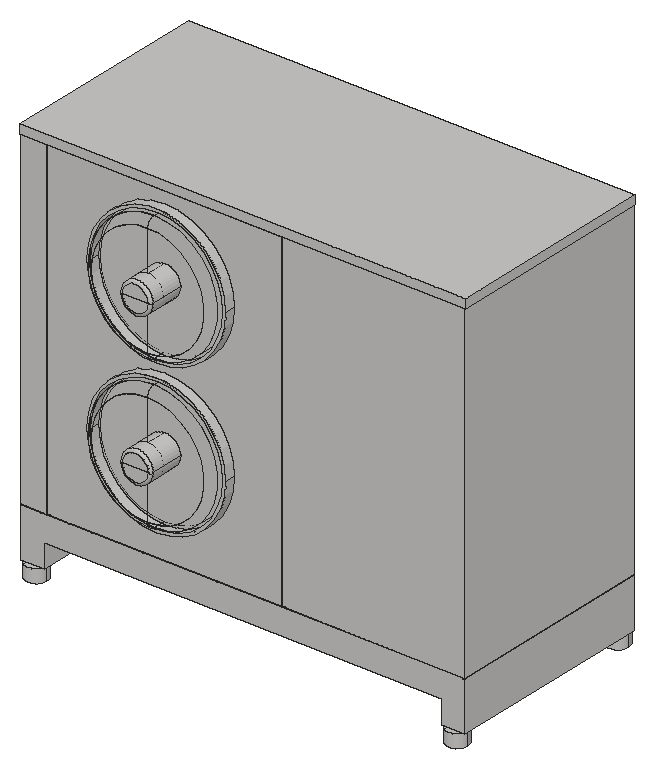
Revit family "QF_NuovAIR_CU-N150T1----", category Specialty Equipment, Revit 2019
Family settings
  Round Connector Dimension = Use Diameter
  Part Type = Normal
  Work Plane-Based = No
  Always vertical = Yes
  Cut with Voids When Loaded = No
  Shared = No
  Room Calculation Point = No
Parameters (values of type "CU-N150T1_400V 50A")
  Weight = 452.00 kg
  Volts = 400 V
  Volt Free Conn = no
  URL Manufacturer = "https://www.nuovair.com/"
  URL Cutsheet = "N150T1-en-1.pdf"
  URL = ""
  Show Logo [instance] = yes
  Show Clearance [instance] = no
  Refrigeration Suction Line Size = 35 mm
  Refrigeration Liquid Line Size = 18 mm
  Refrigeration Energy Efficiency Index = ""
  Refrigeration Climate Class = ""
  Refrigerant Type = "R452a"
  Refrigerant Compressor Remote = no
  Potential Equalisation = yes
  Phase = 3
  Number of Poles = 3
  Model = "CU-N150T1"
  Mat_Legs = QF_Stainless-Brushed
  Mat_Clearance = QF_Clearance
  Mat_Case = QF_Stainless-Brushed
  Masterspec = ""
  Manufacturer = "NUOVAIR"
  Main switch integrated = no
  Length Actual = 1700 mm  # constant formula
  Legs_R = 40 mm  # constant formula
  Keynote = "0"
  Item Number = "CU-N150T1"
  Identify Quantity as Lot = no
  Horse Power = "10"
  Height Actual = 1545 mm  # constant formula
  Foodservice Equipment Identifier = yes
  Energy Efficiency Labelling = ""
  FL Amps = 16 A
  Electric power = 11000000 W
  Elec Connection Height = 1220 mm
  Ele_Note = ""
  Direct Waste Size = 0 mm
  Direct Waste Connection Height = 0 mm
  Description = "Condensing Unit"
  Description_FR = ""
  Description_ES = ""
  Description_EN = ""
  Description_DE = ""
  Depth Actual = 945 mm  # constant formula
  Cycle = 50 Hz
  Conn Plug = "terminal block"
  CE Approved = yes
  Author = ""
  Accessory = no
Types (3, lengths in mm): name | Volts | FL Amps | Cycle
  CU-N150T1_400V 50A | 400 V | 16 A | 50 Hz
  CU-N150T1_440V 60A | 440 V | 17.5 A | 60 Hz
  CU-N150T1_230V 60A | 230 V | 28.5 A | 60 Hz
Reference planes
  plane 1 "Center (Front/Back)": y = 0
  plane 2: z = 0
  plane 3 "Center (Left/Right)": x = 0
  plane 4 "SX": x = -850
  plane 5 "DX": x = 850
  plane 6: y = -945
  plane 7: y = -2945
  plane 8 "top": z = 1545
  plane 9: y = 500
  plane 10: x = 1350
  plane 11: x = -1350
  plane 12 "Base": z = 140
  plane 13: z = 1510
  plane 14 "Logo_N": z = 50
  plane 15: x = -805
  plane 16: x = 805
  plane 17: y = -17.5
  plane 18: y = -787.5
  plane 19: y = -805
  plane 20 "Ventilator_X": x = -300
  plane 21 "Ventilator_Z_01": z = 620
  plane 22 "Ventilator_Z_02": z = 1200
  plane 23: z = 240
  plane 24: x = -750
  plane 25: x = 150
  plane 26: y = -100
Forms (mm)
  Extrusion 1, solid, material "QF_Clearance" <- "Mat_Clearance", visible <- "Show Clearance"
    sketch origin (0, 0, 0) x (1, 0, 0) y (0, 1, 0)
      loop
        line (-850, 500) -> (-850, -2945) -> (850, -2945) -> (850, 500) -> (-850, 500)
    from 0 to 1545
  Extrusion 2, solid, material "QF_Clearance" <- "Mat_Clearance", visible <- "Show Clearance"
    sketch origin (0, 0, 0) x (1, 0, 0) y (0, 1, 0)
      loop
        line (-850, 0) -> (-850, -945) -> (850, -945) -> (850, 0) -> (-850, 0)
    from 0 to 1545
  Extrusion 3, solid, material "QF_Stainless-Brushed" <- "Mat_Case", detail levels medium+fine
    sketch origin (0, 0, 140) x (-1, 0, 0) y (0, -1, 0)
      loop
        line (850, 0) -> (850, 805) -> (-850, 805) -> (-850, 0) -> (850, 0)
    from 0 to 1370
  Extrusion 4, solid, material "QF_Clearance", visible <- "Show Clearance"
    sketch origin (0, 0, 0) x (1, 0, 0) y (0, 1, 0)
      loop
        line (-1350, -945) -> (1350, -945) -> (1350, 0) -> (-1350, 0) -> (-1350, -945)
    from 0 to 1545
  Extrusion 5, solid, material "QF_Stainless-Brushed" <- "Mat_Legs", detail levels medium+fine
    sketch origin (0, 0, 0) x (1, 0, 0) y (0, 1, 0)
      loop
        circle (-805, -17.5) r 40
      loop
        circle (805, -17.5) r 40
      loop
        circle (-805, -787.5) r 40
      loop
        circle (805, -787.5) r 40
    from 0 to 50
  Extrusion 6, solid, material "QF_Stainless-Brushed" <- "Mat_Case", detail levels medium+fine
    sketch origin (0, 0, 140) x (-1, 0, 0) y (0, -1, 0)
      loop
        line (850, 805) -> (760, 805) -> (760, 0) -> (850, 0) -> (850, 805)
      loop
        line (-760, 805) -> (-850, 805) -> (-850, 0) -> (-760, 0) -> (-760, 805)
    from -90 to 0
  Extrusion 7, solid, material "QF_Stainless-Brushed", detail levels medium+fine
    sketch origin (-1430.553, -1524, 1510) x (-1, 0, 0) y (0, -1, 0)
      loop
        line (-578.553, -1526) -> (-578.553, -717) -> (-2282.553, -717) -> (-2282.553, -1526) -> (-578.553, -1526)
    from 0 to 35
  Sweep 8, void
    path origin (-1430.553, -1524, 240) x (-1, 0, 0) y (0, -1, 0)
      loop
        line (-580.553, -719) -> (-2280.553, -719) -> (-2280.553, -1524) -> (-580.553, -1524) -> (-580.553, -719)
    profile "PRF_scalpel : PRF_scalpel" origin (0, -805, 240) x (0, 1, 0) y (0, 0, 1)
      loop
        line (1, 0) -> (-1, 2) -> (-51, 2) -> (-51, -2) -> (-1, -2) -> (1, 0)
  Sweep 9, void
    path origin (-1543.062, -805, 7500) x (-1, 0, 0) y (0, 0, 1)
      loop
        line (-793.062, -5990) -> (-793.062, -7260)
    profile "PRF_scalpel : PRF_scalpel" origin (-750, -805, 875) x (-1, 0, 0) y (0, 1, 0)
      loop
        line (0, 1) -> (-2, -1) -> (-2, -51) -> (2, -51) -> (2, -1) -> (0, 1)
  Sweep 10, void
    path origin (-383.062, -805, 7500) x (-1, 0, 0) y (0, 0, 1)
      loop
        line (-533.062, -5990) -> (-533.062, -7260)
    profile "PRF_scalpel : PRF_scalpel" origin (150, -805, 875) x (-1, 0, 0) y (0, 1, 0)
      loop
        line (0, 1) -> (-2, -1) -> (-2, -51) -> (2, -51) -> (2, -1) -> (0, 1)
  Sweep 11, void
    path origin (-850, 180.447, 4000) x (0, 1, 0) y (0, 0, 1)
      loop
        line (-280.447, -2490) -> (-280.447, -3760)
    profile "PRF_scalpel : PRF_scalpel" origin (-850, -100, 875) x (0, 1, 0) y (1, 0, 0)
      loop
        line (0, 1) -> (-2, -1) -> (-2, -51) -> (2, -51) -> (2, -1) -> (0, 1)
  Sweep 12, void
    path origin (0, 0, 0) x (1, 0, 0) y (0, 0, 1)
      loop
        line (150, 1510) -> (150, 240)
    profile "PRF_scalpel : PRF_scalpel" origin (150, 0, 875) x (1, 0, 0) y (0, -1, 0)
      loop
        line (0, 1) -> (-2, -1) -> (-2, -51) -> (2, -51) -> (2, -1) -> (0, 1)
  Sweep 13, void
    path origin (-760, 0, 0) x (1, 0, 0) y (0, 0, 1)
      loop
        line (10, 1510) -> (10, 240)
    profile "PRF_scalpel : PRF_scalpel" origin (-750, 0, 875) x (1, 0, 0) y (0, -1, 0)
      loop
        line (0, 1) -> (-2, -1) -> (-2, -51) -> (2, -51) -> (2, -1) -> (0, 1)
Cuts and joins
  joined: Extrusion 1, Extrusion 2
  Sweep 8, Sweep 9, Sweep 10, Sweep 11, Sweep 12, Sweep 13 cuts Extrusion 3
  joined: Extrusion 3, Extrusion 6
Lines and regions (mm)
  model lines, style "InvisibleLines"
    curve 1: line (-50, 0, 0) -> (50, 0, 0)
    curve 2: line (0, 50, 0) -> (0, -50, 0)
  model lines, style "QF_Case", detail levels coarse
    curve 3: line (-850, 0, 0) -> (850, 0, 0)
    curve 4: line (-850, -945, 0) -> (-850, 0, 0)
    curve 5: line (850, -945, 0) -> (-850, -945, 0)
    curve 6: line (850, 0, 0) -> (850, -945, 0)
    curve 7: line (850, -945, 1545) -> (850, -945, 0)
    curve 8: line (850, 0, 1545) -> (850, 0, 0)
    curve 9: line (-850, -945, 1545) -> (-850, -945, 0)
    curve 10: line (-850, 0, 1545) -> (-850, 0, 0)
    curve 11: line (-850, 0, 1545) -> (850, 0, 1545)
    curve 12: line (-850, -945, 1545) -> (-850, 0, 1545)
    curve 13: line (850, -945, 1545) -> (-850, -945, 1545)
    curve 14: line (850, 0, 1545) -> (850, -945, 1545)
Dimensions and locks
  curve 1 to plane 3 "Center (Left/Right)" to curve 1 = 50 mm locked, 50 mm locked
  curve 2 to plane 1 "Center (Front/Back)" to curve 2 = 50 mm locked, 50 mm locked
  "Height Actual": plane 8 "top" to level
  "Depth Actual": plane 6 to plane 1 "Center (Front/Back)"
  equal spacing: plane 4 "SX", plane 3 "Center (Left/Right)", plane 5 "DX"
  "Length Actual": plane 4 "SX" to plane 5 "DX"
  plane 6 to plane 1 "Center (Front/Back)" = 945 mm
  locked: plane 1 "Center (Front/Back)" to plane 9 at 500
  locked: plane 6 to plane 7 at 2000
  locked: plane 5 "DX" to plane 10 at 500
  locked: plane 11 to plane 4 "SX" at 500
  locked: plane 12 "Base" to Extrusion 4 at 140
  plane 8 "top" to plane 13 = 35 mm
  locked: plane 14 "Logo_N" to plane 2 at 50
  locked: plane 4 "SX" to plane 15 at 45
  locked: plane 16 to plane 5 "DX" at 45
  locked: plane 17 to plane 1 "Center (Front/Back)" at 17.5
  locked: plane 18 to plane 19 at 17.5
  locked: plane 4 "SX" to Extrusion 6 sketch curve at 90
  locked: Extrusion 6 sketch curve to plane 5 "DX" at 90
  locked: Extrusion 7 sketch curve to plane 4 "SX" at 2
  locked: plane 5 "DX" to Extrusion 7 sketch curve at 2
  locked: plane 19 to Extrusion 7 sketch curve at 2
  locked: plane 1 "Center (Front/Back)" to Extrusion 7 sketch curve at 2
  plane 17 to plane 18 = 770 mm
  locked: plane 19 to plane 1 "Center (Front/Back)" at 805
  plane 19 to plane 6 = 140 mm
  locked: plane 20 "Ventilator_X" to plane 4 "SX" at 550
  locked: plane 21 "Ventilator_Z_01" to plane 2 at 620
  locked: plane 22 "Ventilator_Z_02" to plane 21 "Ventilator_Z_01" at 580
  locked: plane 23 to plane 12 "Base" at 100
  locked: plane 4 "SX" to plane 24 at 100
  locked: plane 4 "SX" to plane 25 at 1000
  locked: plane 26 to plane 1 "Center (Front/Back)" at 100
  "Legs_R": radius of Extrusion 5 sketch curve  (x4)
  aligned and locked: level to plane 2
  aligned and locked: Extrusion 1 sketch curve to plane 4 "SX"
  aligned and locked: plane 7 to Extrusion 1 sketch curve
  aligned and locked: Extrusion 1 sketch curve to plane 5 "DX"
  aligned and locked: plane 8 "top" to Extrusion 1
  aligned and locked: plane 1 "Center (Front/Back)" to curve 3
  aligned and locked: plane 6 to curve 5
  aligned and locked: curve 6 to plane 5 "DX"
  aligned and locked: plane 4 "SX" to curve 4
  aligned and locked: plane 8 "top" to curve 8
  aligned and locked: plane 8 "top" to curve 7
  aligned and locked: plane 8 "top" to curve 10
  aligned and locked: plane 8 "top" to curve 9
  aligned and locked: level to curve 8
  aligned and locked: level to curve 7
  aligned and locked: level to curve 10
  aligned and locked: level to curve 9
  aligned and locked: curve 8 to plane 1 "Center (Front/Back)"
  aligned and locked: curve 10 to plane 1 "Center (Front/Back)"
  aligned and locked: plane 6 to curve 7
  aligned and locked: plane 6 to curve 9
  aligned and locked: plane 1 "Center (Front/Back)" to Extrusion 2 sketch curve
  aligned and locked: plane 6 to Extrusion 2 sketch curve
  aligned and locked: plane 8 "top" to Extrusion 2
  aligned and locked: plane 1 "Center (Front/Back)" to curve 11
  aligned and locked: plane 6 to curve 13
  aligned and locked: plane 1 "Center (Front/Back)" to Extrusion 3 sketch curve
  aligned and locked: Extrusion 3 sketch curve to plane 5 "DX"
  aligned and locked: plane 4 "SX" to Extrusion 3 sketch curve
  aligned and locked: plane 1 "Center (Front/Back)" to nested 1
  aligned and locked: plane 1 "Center (Front/Back)" to nested 2
  aligned and locked: plane 5 "DX" to nested 1
  aligned and locked: plane 5 "DX" to nested 2
  aligned and locked: Extrusion 1 sketch curve to plane 9
  aligned and locked: Extrusion 4 sketch curve to plane 11
  aligned and locked: plane 10 to Extrusion 4 sketch curve
  aligned and locked: Extrusion 4 sketch curve to plane 6
  aligned and locked: Extrusion 4 sketch curve to plane 1 "Center (Front/Back)"
  aligned and locked: plane 8 "top" to Extrusion 4
  aligned and locked: Extrusion 4 to level
  aligned and locked: Extrusion 3 to plane 12 "Base"
  aligned and locked: plane 13 to Extrusion 3
  aligned and locked: plane 15 to Extrusion 5 sketch curve  (x2)
  aligned and locked: plane 16 to Extrusion 5 sketch curve  (x2)
  aligned and locked: plane 18 to Extrusion 5 sketch curve  (x2)
  aligned and locked: plane 17 to Extrusion 5 sketch curve  (x2)
  aligned and locked: Extrusion 5 to level
  aligned and locked: plane 14 "Logo_N" to Extrusion 5
  aligned and locked: Extrusion 6 sketch curve to plane 4 "SX"
  aligned and locked: plane 5 "DX" to Extrusion 6 sketch curve
  aligned and locked: Extrusion 6 sketch curve to plane 1 "Center (Front/Back)"  (x2)
  aligned and locked: Extrusion 6 sketch curve to plane 19  (x2)
  aligned and locked: Extrusion 6 to plane 14 "Logo_N"
  aligned and locked: plane 12 "Base" to Extrusion 6
  aligned and locked: plane 19 to Extrusion 3 sketch curve
  aligned and locked: Extrusion 7 to plane 13
  aligned and locked: plane 8 "top" to Extrusion 7
  aligned and locked: plane 5 "DX" to nested 3
  aligned and locked: plane 1 "Center (Front/Back)" to nested 3
  aligned and locked: nested 4 to plane 20 "Ventilator_X"
  aligned and locked: plane 22 "Ventilator_Z_02" to nested 4
  aligned and locked: plane 21 "Ventilator_Z_01" to nested 5
  aligned and locked: nested 5 to plane 20 "Ventilator_X"
  aligned and locked: Sweep 8 sketch curve to plane 1 "Center (Front/Back)"
  aligned and locked: Sweep 8 sketch curve to plane 19
  aligned and locked: Sweep 8 sketch curve to plane 4 "SX"
  aligned and locked: plane 5 "DX" to Sweep 8 sketch curve
  aligned and locked: plane 13 to Sweep 9 sketch curve
  aligned and locked: plane 23 to Sweep 9 sketch curve
  aligned and locked: Sweep 9 sketch curve to plane 24
  aligned and locked: plane 13 to Sweep 10 sketch curve
  aligned and locked: plane 23 to Sweep 10 sketch curve
  aligned and locked: Sweep 10 sketch curve to plane 25
  aligned and locked: plane 13 to Sweep 11 sketch curve
  aligned and locked: plane 23 to Sweep 11 sketch curve
  aligned and locked: plane 26 to Sweep 11 sketch curve
  aligned and locked: plane 13 to Sweep 12 sketch curve
  aligned and locked: plane 23 to Sweep 12 sketch curve
  aligned and locked: plane 25 to Sweep 12 sketch curve
  aligned and locked: plane 13 to Sweep 13 sketch curve
  aligned and locked: plane 23 to Sweep 13 sketch curve
  aligned and locked: plane 24 to Sweep 13 sketch curve
Automatic sketch dimensions
  curve 2 to plane 3 "Center (Left/Right)" = 0 mm
  plane 1 "Center (Front/Back)" to curve 1 = 0 mm
  curve 11 to plane 5 "DX" = 0 mm
  curve 13 to plane 4 "SX" = 0 mm
  Extrusion 2 sketch curve to plane 4 "SX" = 0 mm
  Extrusion 2 sketch curve to plane 5 "DX" = 0 mm
Nested families
  nested 1: "Connection_DxSx" at (850, 0, 977), type "KTM", not visible
    with Width_DX 0 mm, Width Offset 0 mm, Depth Offset 57.5 mm, DX no
  nested 2: "Connection_DxSx" at (850, 0, 285), type "KTM", not visible
    with Width_DX 0 mm, Width Offset 0 mm, Depth Offset 747.5 mm, DX no
  nested 3: "Connection_DxSx" at (850, 0, 1220), built-in parameter 1001364 <- "Elec Connection Height", type "KTM", not visible
    with Width_DX 0 mm, Width Offset 0 mm, Depth Offset 402.5 mm, DX no
  nested 4: "Ventilator_A" at (-300, -805, 1200) x (-1, 0, 0) z (0, -1, 0), Mat_A <- "Mat_Case", Mat_B <- "Mat_Case", type "Ventilator_A", detail levels medium+fine
    with Mat_C QF_Cross20x20, Mat_B QF_Stainless-Brushed, Mat_A QF_Stainless-Brushed
  nested 5: "Ventilator_A" at (-300, -805, 620) x (-1, 0, 0) z (0, -1, 0), Mat_A <- "Mat_Case", Mat_B <- "Mat_Case", type "Ventilator_A", detail levels medium+fine
    with Mat_C QF_Cross20x20, Mat_B QF_Stainless-Brushed, Mat_A QF_Stainless-Brushed
Connectors
  piping at (850.5, -57.5, 977), diameter 35, driven by "Refrigeration Suction Line Size"
    settings: on nested 1, index 3, connector inside diameter 609.6 mm, connector length 0 mm, flow factor 0, pipe flow 0.0 L/s, pressure drop 0.0 Pa, fitting loss kfactor 0, connector angle 0.00°, fixture units 0, engagement length 0 mm, angle of deflection 0.00°, flow configuration 0, flow direction 1, fitting loss method 0, system type 22, joint type 0, gender type 0, connector reference index -1, connector utility 0, adjustable connector no, is connector primary yes, connector description "Suction Line"
  piping at (850.5, -747.5, 285), diameter 18, driven by "Refrigeration Liquid Line Size"
    settings: on nested 2, index 4, connector inside diameter 609.6 mm, connector length 0 mm, flow factor 0, pipe flow 0.0 L/s, pressure drop 0.0 Pa, fitting loss kfactor 0, connector angle 0.00°, fixture units 0, engagement length 0 mm, angle of deflection 0.00°, flow configuration 0, flow direction 2, fitting loss method 0, system type 22, joint type 0, gender type 0, connector reference index -1, connector utility 0, adjustable connector no, is connector primary no, connector description "Liquid Line"
  electrical at (850.5, -402.5, 1220), driven by "Number of Poles", driven by "Volts", driven by "Electric power", driven by "Ele_Note"
    settings: on nested 3, index 5, voltage 400 V, apparent load 11000000 VA, apparent load phase1 0 VA, apparent load phase2 0 VA, apparent load phase3 0 VA, power factor 1, load classification "Power", number of poles 3, system type 30, power factor state 1, is connector primary yes, connector utility no, sub classification motor no, connector description ""
Definition of nested family "Connection_DxSx"
  Parameters (values of type "KTM")
    Width_DX [instance] = if(DX, Width Offset * 2, 0 mm)  # 120 mm
    Width Offset [instance] = 60 mm
    Manufacturer = "Gjiom by www.RevitLandia.com"  # constant formula
    Depth Offset [instance] = 50 mm
    Default Elevation = 0 mm
    DX [instance] = yes
  Reference planes
    plane 1 "Center (Front/Back)": y = 0
    plane 2: z = 0
    plane 3 "Center (Left/Right)": x = 0
    plane 4 "Depth Offset": y = -50
    plane 5: x = 60
    plane 6: x = -60
  Forms (mm)
    Extrusion 1, solid
      sketch origin (0, 0, 0) x (1, 0, 0) y (0, 1, 0)
        loop
          circle (60, -50) r 15
      from -0.5 to 0.5
    Extrusion 2, solid
      sketch origin (0, -50, 0) x (-1, 0, 0) y (0, 0, 1)
        loop
          circle (-60, 0) r 15
      from -0.5 to 0.5
    Extrusion 3, solid
      sketch origin (60, 93.537, 4000) x (0, 1, 0) y (0, 0, 1)
        loop
          circle (-143.537, -4000) r 15
      from -0.5 to 0.5
  Lines and regions (mm)
    model lines
      curve 1: line (0, 0, 0) -> (0, -20, 0)
  Dimensions and locks
    "Depth Offset": plane 1 "Center (Front/Back)" to plane 4 "Depth Offset"
    "Width Offset": plane 6 to plane 3 "Center (Left/Right)"
    "Width_DX": plane 6 to plane 5
    aligned and locked: level to plane 2
    aligned and locked: plane 4 "Depth Offset" to Extrusion 1 sketch curve
    aligned and locked: level to Extrusion 2 sketch curve
    aligned and locked: level to Extrusion 3 sketch curve
    aligned and locked: plane 4 "Depth Offset" to Extrusion 3 sketch curve
    aligned and locked: plane 5 to Extrusion 1 sketch curve
    aligned and locked: plane 5 to Extrusion 2 sketch curve
  Automatic sketch dimensions
    curve 1 to plane 3 "Center (Left/Right)" = 0 mm
    plane 1 "Center (Front/Back)" to curve 1 = 0 mm
    plane 1 "Center (Front/Back)" to curve 1 = 20 mm
    radius of Extrusion 1 sketch curve = 15 mm
    radius of Extrusion 2 sketch curve = 15 mm
    radius of Extrusion 3 sketch curve = 15 mm
Definition of nested family "Ventilator_A"
  Parameters (values of type "Ventilator_A")
    Mat_C [instance] = none
    Mat_A [instance] = none
    Default Elevation = 1219.2 mm
    Mat_B [instance] = none
  Reference planes
    plane 1 "Centro (Fronte/Retro)": y = 0
    plane 2: z = 0
    plane 3 "Centro (Sinistra/Destra)": x = 0
    plane 4: z = 40
    plane 5: z = 80
    plane 6: z = 140
  Forms (mm)
    Extrusion 1, solid, material <- "Mat_A"
      sketch origin (0, 0, 0) x (1, 0, 0) y (0, 1, 0)
        loop
          circle (0, 0) r 265
        loop
          circle (0, 0) r 255
      from 0 to 40
    Revolve 2, solid, material <- "Mat_B"
      sketch origin (0, 0, 0) x (1, 0, 0) y (0, 0, 1)
        loop
          arc (-50, 140) -> (-57.071, 137.071) -> (-60, 130) r 10
          line (-60, 130) -> (-60, 0) -> (0, 0) -> (0, 140) -> (-50, 140)
        axis (0, 140) -> (0, 0)
      angle from 0 to 360
    Revolve 3, solid, material <- "Mat_C"
      sketch origin (0, 0, 0) x (0, 1, 0) y (0, 0, 1)
        loop
          arc (-215, 80) -> (-236.213, 71.213) -> (-245, 50) r 30
          line (-245, 50) -> (-245, 0) -> (-60, 0) -> (-60, 80) -> (-215, 80)
        axis (0, 0) -> (0, 80)
      angle from 0 to 360
  Dimensions and locks
    locked: plane 4 to level at 40
    locked: plane 5 to level at 80
    locked: plane 6 to level at 140
    locked: plane 3 "Centro (Sinistra/Destra)" to Revolve 2 sketch curve at 60
    locked: Revolve 3 sketch curve to plane 1 "Centro (Fronte/Retro)" at 60
    locked: Revolve 3 sketch curve to plane 1 "Centro (Fronte/Retro)" at 245
    aligned and locked: level to plane 2
    aligned and locked: plane 3 "Centro (Sinistra/Destra)" to Extrusion 1 sketch curve  (x2)
    aligned and locked: plane 1 "Centro (Fronte/Retro)" to Extrusion 1 sketch curve  (x2)
    aligned and locked: Extrusion 1 to level
    aligned and locked: plane 4 to Extrusion 1
    aligned and locked: Revolve 2 sketch curve to plane 3 "Centro (Sinistra/Destra)"  (x2)
    aligned and locked: Revolve 2 sketch curve to plane 6
    aligned and locked: level to Revolve 2 sketch curve
    aligned and locked: Revolve 3 sketch curve to plane 5
    aligned and locked: plane 2 to Revolve 3 sketch curve
    aligned and locked: Revolve 3 sketch curve to plane 1 "Centro (Fronte/Retro)"
